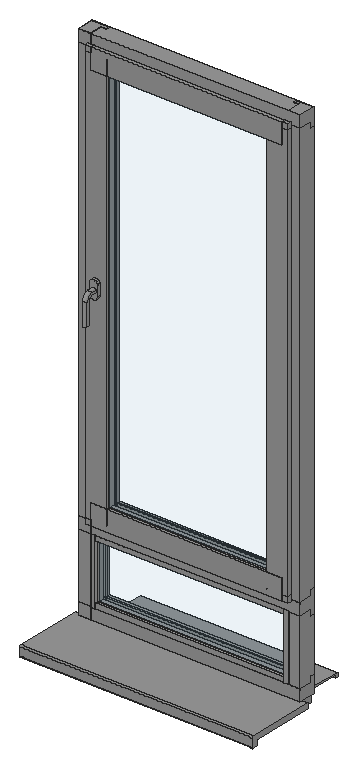
Revit family "deceuninck_okonniy_blok_odnostvorchatiy_s_framugoi_snizu", category Окна, Revit 2016
Family settings
  Основа = Стена
  Номер OmniClass = 23.30.20.00
  Заголовок OmniClass = Windows
  Всегда вертикально = Да
  При загрузке вырезать с полостями = Нет
  Общий = Нет
  Точка расчета площади = Нет
Parameters (values of type "Энвин ЭКО-60")
  Ширина профиля = 60 mm
  Ширина проема [instance] = ADSK_Ширина рамы + Монтажный зазор.Левый + Монтажный зазор.Правый  # 840 mm
  Четверть.Ширина [instance] = 65 mm
  Четверть.Правая [instance] = if(and(Четверть правая.Видимость, Четверть), Четверть.Ширина, 0 mm)  # 65 mm
  Четверть.Левая [instance] = if(and(Четверть левая.Видимость, Четверть), Четверть.Ширина, 0 mm)  # 65 mm
  Четверть.Глубина [instance] = 120 mm
  Четверть.Высота [instance] = 65 mm
  Четверть правая.Видимость [instance] = yes
  Четверть левая.Видимость [instance] = yes
  Четверть.Врхняя [instance] = if(Четверть, Четверть.Высота, 0 mm)  # 65 mm
  Четверть [instance] = yes
  Цвет профиля = ""
  Фрамуга нижняя.Высота [instance] = ADSK_Высота рамы - Высота створки  # 300 mm
  Формула стеклопакета = ""
  Толщина стеклопакета = "32"
  Стеклопакет.Толщина = 32 mm
  Створка [instance] = stvorka : Поворотная право
  Система фурнитуры [instance] = ""
  Расчетное значение ветровой нагрузки [instance] = 400
  Рама.Окно.Ширина [instance] = 800 mm
  Рама.Окно.Высота [instance] = 1900 mm
  Профильная система = "Энвин ЭКО 60"
  Проем.Окно.Ширина [instance] = 840 mm
  Проем.Окно.Высота [instance] = 1955 mm
  Приточный клапан [instance] = no
  Watermarked By = ""
  Rough Width = 0 mm  # constant formula
  Rough Height = 0 mm  # constant formula
  Подоконник.Глубина [instance] = 0 mm
  Подоконник. Видимость [instance] = yes
  Подоконник [instance] = podokonnik : ПВХ 250
  Площаль элемента [instance] = ADSK_Ширина рамы * ADSK_Высота рамы / 1000000 mm  # 1.52 mm
  Отлив.Свес [instance] = 35 mm
  Отлив.Видимость [instance] = yes
  Откосы.Глубина [instance] = 310 mm
  Огнестойкость = "Е-15"
  Наименование = "Окно 1-створчатое с фрамугой снизу Энвин ЭКО-60"
  Монтажный зазор.Спереди [instance] = 10 mm
  Монтажный зазор.Правый [instance] = if(Четверть правая.Видимость, Монтажный зазор.Боковой, 0 mm)  # 20 mm
  Монтажный зазор.Низ [instance] = 10 mm
  Монтажный зазор.Левый [instance] = if(Четверть левая.Видимость, Монтажный зазор.Боковой, 0 mm)  # 20 mm
  Монтажный зазор.Верх [instance] = 20 mm
  Монтажный зазор.Боковой = 20 mm
  Материал-Стеклопакет = none
  Материал-Рама = none
  Материал-Подоконник = ПВХ, белый
  Материал-Отлив = Лист оцинкованый, белый
  Класс профиля = "Тип В"
  Завод-изготовитель [instance] = "ООО Декёнинк Рус, Россия"  # constant formula
  ГОСТ = "ГОСТ 30673-2013"
  Высота створки [instance] = 1600 mm
  Высота профиля створки = 76 mm
  Высота профиля рамы = 62 mm
  Высота профиля имоста = 82 mm
  Высота проема [instance] = ADSK_Высота рамы + 25 mm + Монтажный зазор.Верх + Монтажный зазор.Низ  # 1955 mm
  Height = 0 mm  # constant formula
  Высота подоконника по умолчанию = 800 mm
  Замыкание стены = По основе
  Width = 0 mm  # constant formula
  Артикул створки/армирование рстворки = "ZE 60D  /  AR1"
  Артикул рамы/армирование рамы = "LE 60D  /  AR1"
  Артикул импоста/армирование импоста = "TE 60D  /  20 x 35"
  Аналитическая конструкция = "<Нет>"
  λ краевой зоны стеклопакета = 0.0600 (m²·K)/W
  Rстеклопакета = 0.7600 (m²·K)/W
  Rпрофиля = 0.6800 (m²·K)/W
  Rпривед [instance] = 1 / (((Ширина профиля / 1000 mm) * (5.4 - 4 * (Ширина профиля / 1000 mm)) / (1.8 * Rпрофиля / Rед)) + ((1.2 - 2 * (Ширина профиля / 1000 mm)) * (1.5 - 2 * (Ширина профиля / 1000 mm)) / (1.8 * Rстеклопакета / Rед)) + (5.4 - 8 * (Ширина профиля / 1000 mm)) * (λ краевой зоны стеклопакета / Rед))  # 0.61064
  Rед = 1.0000 (m²·K)/W
  ADSK_Ширина рамы [instance] = 800 mm
  ADSK_Позиция [instance] = ""
  ADSK_Высота рамы [instance] = 1900 mm
Reference planes
  plane 1 "По центру (Вперед/Назад)": y = 0
  plane 2 "По центру (Влево/Вправо)": x = 0
  plane 3 "Подоконник": z = 800
  plane 4 "Наружный": y = 250
  plane 5 "Внутренние": y = -250
  plane 6: x = -420
  plane 7: x = 420
  plane 8: x = -355
  plane 9: x = 355
  plane 10: y = 130
  plane 11: z = 2700
  plane 12: x = -400
  plane 13: x = 400
  plane 14: z = 775
  plane 15: z = 2720
  plane 16: z = 765
  plane 17: z = 2655
  plane 18: y = 120
  plane 19: y = 60
  plane 20: x = -338
  plane 21: x = 338
  plane 22: z = 2638
  plane 23: z = 862
  plane 24: y = 107
  plane 25: x = 679.372
  plane 26: y = 70
  plane 27: y = 450
  plane 28: z = 1100
Forms (mm)
  Extrusion 1, void
    sketch origin (0, -250, 0) x (1, 0, 0) y (0, 0, 1)
      loop
        line (-420, 2720) -> (-420, 765) -> (420, 765) -> (420, 2720) -> (-420, 2720)
    from 0 to -380
  Extrusion 2, void
    sketch origin (-2200.521, 130, 1000) x (1, 0, 0) y (0, 0, 1)
      loop
        line (1845.521, 1655) -> (1845.521, -235) -> (2555.521, -235) -> (2555.521, 1655) -> (1845.521, 1655)
    from 0 to -320
  Extrusion 3, solid, material <- "Материал-Рама", detail levels fine
    sketch origin (0, 0, 800) x (0, -1, 0) y (-1, 0, 0)
      loop
        line (-120, 400) -> (-120, 338) -> (-107, 338) -> (-107, 358) -> (-60, 358) -> (-60, 400) -> (-120, 400)
      loop
        line (-120, -338) -> (-120, -400) -> (-60, -400) -> (-60, -358) -> (-107, -358) -> (-107, -338) -> (-120, -338)
    from 0 to -1900
  Extrusion 4, solid, material <- "Материал-Рама", detail levels fine
    sketch origin (-750, 0, 0) x (0, -1, 0) y (0, 0, 1)
      loop
        line (-60, 800) -> (-60, 842) -> (-107, 842) -> (-107, 862) -> (-120, 862) -> (-120, 800) -> (-60, 800)
      loop
        line (-60, 2658) -> (-60, 2700) -> (-120, 2700) -> (-120, 2638) -> (-107, 2638) -> (-107, 2658) -> (-60, 2658)
    from -350 to -1150
  Extrusion 5, solid, material <- "Материал-Рама"
    sketch origin (-233.865, 107, 2257) x (0, 0, 1) y (-1, 0, 0)
      loop
        line (-1457, 166.135) -> (-1482, 166.135) -> (-1482, -633.865) -> (-1457, -633.865) -> (-1457, 166.135)
    from 0 to 37
  Extrusion 6, solid, material "Лист оцинкованый, белый" <- "Материал-Отлив", visible <- "Отлив.Видимость", detail levels fine
    sketch origin (355, 531.754, 1000) x (0, 1, 0) y (0, 0, 1)
      loop
        line (-424.754, -225) -> (-251.754, -225) -> (-251.754, -235) -> (-246.754, -235) -> (-246.754, -220) -> (-424.754, -215) -> (-424.754, -225)
    from 0 to -710
  Extrusion 7, solid, detail levels medium
    sketch origin (0, 0, 800) x (0, -1, 0) y (-1, 0, 0)
      loop
        line (-120, 400) -> (-120, 338) -> (-60, 338) -> (-60, 400) -> (-120, 400)
      loop
        line (-120, -400) -> (-60, -400) -> (-60, -338) -> (-120, -338) -> (-120, -400)
    from 0 to -1900
  Extrusion 8, solid, detail levels medium
    sketch origin (-750, 0, 0) x (0, -1, 0) y (0, 0, 1)
      loop
        line (-120, 2700) -> (-120, 2638) -> (-60, 2638) -> (-60, 2700) -> (-120, 2700)
      loop
        line (-60, 800) -> (-60, 862) -> (-120, 862) -> (-120, 800) -> (-60, 800)
    from -1150 to -350
  Extrusion 9, solid, detail levels coarse
    sketch origin (0, 0, 800) x (0, -1, 0) y (-1, 0, 0)
      loop
        line (-120, 400) -> (-120, 289) -> (-47, 289) -> (-47, 400) -> (-120, 400)
      loop
        line (-120, -400) -> (-47, -400) -> (-47, -290) -> (-120, -290) -> (-120, -400)
    from 0 to -1900
  Extrusion 10, solid, detail levels coarse
    sketch origin (-750, 0, 0) x (0, -1, 0) y (0, 0, 1)
      loop
        line (-120, 2589) -> (-47, 2589) -> (-47, 2700) -> (-120, 2700) -> (-120, 2589)
      loop
        line (-47, 800) -> (-47, 911) -> (-120, 911) -> (-120, 800) -> (-47, 800)
    from -1150 to -350
  Extrusion 11, solid, detail levels fine
    sketch origin (-750, 0, 0) x (0, -1, 0) y (0, 0, 1)
      loop
        line (-60, 1079) -> (-60, 1121) -> (-107, 1121) -> (-107, 1141) -> (-120, 1141) -> (-120, 1059) -> (-107, 1059) -> (-107, 1079) -> (-60, 1079)
    from -1150 to -350
  Extrusion 12, solid, detail levels medium
    sketch origin (-750, 0, 0) x (0, -1, 0) y (0, 0, 1)
      loop
        line (-120, 1079) -> (-60, 1079) -> (-60, 1121) -> (-120, 1121) -> (-120, 1079)
    from -1150 to -350
  Extrusion 13, solid, detail levels coarse
    sketch origin (-750, 0, 0) x (0, -1, 0) y (0, 0, 1)
      loop
        line (-47, 1011) -> (-47, 1189) -> (-120, 1189) -> (-120, 1011) -> (-47, 1011)
    from -1150 to -350
Lines and regions (mm)
  symbolic lines, style "Windows"
    curve 1: line (-400, 130, 0) -> (400, 130, 0)
Text (mm)
  text "Наружный" at (0, 923.751, 2943.296), in view "Справа"
  text "Наружный" at (0, 1040.484, 2685.409), in view "Слева"
Dimensions and locks
  "Высота подоконника по умолчанию": plane 3 "Подоконник" to level
  locked: plane 4 "Наружный" to host wall at 0
  locked: plane 5 "Внутренние" to host wall
  "Четверть.Глубина": plane 10 to plane 4 "Наружный"
  "ADSK_Высота рамы": plane 11 to plane 3 "Подоконник"
  "Монтажный зазор.Верх": plane 15 to plane 11
  locked: plane 3 "Подоконник" to plane 14 at 25
  "Монтажный зазор.Низ": plane 14 to plane 16
  "Четверть.Врхняя": plane 15 to plane 17
  equal spacing: plane 13, plane 2 "По центру (Влево/Вправо)", plane 12
  "ADSK_Ширина рамы": plane 13 to plane 12
  "Четверть.Левая": plane 8 to plane 6
  "Четверть.Правая": plane 7 to plane 9
  "Монтажный зазор.Левый": plane 12 to plane 6
  "Монтажный зазор.Правый": plane 13 to plane 7
  "Монтажный зазор.Спереди": plane 10 to plane 18
  "Ширина профиля": plane 18 to plane 19
  "Высота профиля рамы": plane 12 to plane 20
  locked: Extrusion 3 sketch curve to Extrusion 3 sketch curve at 13  (x2)
  locked: Extrusion 3 sketch curve to Extrusion 3 sketch curve at 20  (x2)
  "Высота профиля рамы": plane 21 to plane 13
  "Высота профиля рамы": plane 11 to plane 22
  "Высота профиля рамы": plane 3 "Подоконник" to plane 23
  locked: Extrusion 4 sketch curve to Extrusion 4 sketch curve at 13  (x2)
  locked: Extrusion 4 sketch curve to Extrusion 4 sketch curve at 20  (x2)
  locked: plane 18 to plane 24 at 13
  locked: plane 26 to plane 19 at 10
  locked: Extrusion 6 sketch curve to Extrusion 6 sketch curve at 5  (x2)
  locked: Extrusion 6 sketch curve to Extrusion 6 sketch curve at 10
  "Отлив.Свес": Extrusion 6 to plane 4 "Наружный"
  locked: plane 4 "Наружный" to plane 27 at 200
  locked: Extrusion 11 sketch curve to Extrusion 11 sketch curve at 20  (x2)
  "Высота профиля имоста": Extrusion 11 sketch curve to Extrusion 11 sketch curve
  equal spacing: Extrusion 11 sketch curve, plane 28, Extrusion 11 sketch curve
  "Фрамуга нижняя.Высота": plane 28 to plane 3 "Подоконник"
  "Откосы.Глубина": plane 19 to plane 5 "Внутренние"
  "Проем.Окно.Высота": plane 15 to plane 16
  "Рама.Окно.Высота": plane 11 to plane 3 "Подоконник"
  "Проем.Окно.Ширина": plane 7 to plane 6
  "Рама.Окно.Ширина": plane 13 to plane 12
  aligned and locked: Extrusion 1 sketch curve to plane 15
  aligned and locked: Extrusion 1 sketch curve to plane 6
  aligned and locked: Extrusion 1 sketch curve to plane 7
  aligned and locked: Extrusion 1 sketch curve to plane 16
  aligned and locked: plane 10 to Extrusion 1
  aligned and locked: Extrusion 2 sketch curve to plane 17
  aligned and locked: Extrusion 2 sketch curve to plane 8
  aligned and locked: Extrusion 2 sketch curve to plane 9
  aligned and locked: Extrusion 2 sketch curve to plane 16
  aligned and locked: Extrusion 3 sketch curve to plane 18
  aligned and locked: Extrusion 3 sketch curve to plane 19
  aligned and locked: Extrusion 3 sketch curve to plane 20
  aligned and locked: Extrusion 3 sketch curve to plane 12
  aligned and locked: plane 18 to Extrusion 3 sketch curve
  aligned and locked: plane 19 to Extrusion 3 sketch curve
  aligned and locked: Extrusion 3 sketch curve to plane 13
  aligned and locked: Extrusion 3 sketch curve to plane 21
  aligned and locked: plane 11 to Extrusion 3
  aligned and locked: Extrusion 4 sketch curve to plane 19  (x2)
  aligned and locked: Extrusion 4 sketch curve to plane 18  (x2)
  aligned and locked: Extrusion 4 sketch curve to plane 23
  aligned and locked: Extrusion 4 sketch curve to plane 3 "Подоконник"
  aligned and locked: Extrusion 4 sketch curve to plane 22
  aligned and locked: Extrusion 4 sketch curve to plane 11
  aligned and locked: Extrusion 4 to plane 13
  aligned and locked: Extrusion 4 to plane 12
  aligned and locked: plane 24 to nested 1
  aligned and locked: nested 1 to Extrusion 3
  aligned and locked: Extrusion 5 sketch curve to plane 12
  aligned and locked: Extrusion 5 sketch curve to plane 3 "Подоконник"
  aligned and locked: Extrusion 5 sketch curve to plane 14
  aligned and locked: plane 13 to Extrusion 5 sketch curve
  aligned and locked: plane 26 to Extrusion 5
  aligned and locked: nested 2 to plane 3 "Подоконник"
  aligned and locked: plane 26 to nested 2
  aligned and locked: nested 2 to plane 2 "По центру (Влево/Вправо)"
  aligned and locked: plane 14 to Extrusion 6 sketch curve
  aligned and locked: Extrusion 6 to plane 8
  aligned and locked: plane 24 to Extrusion 6 sketch curve
  aligned and locked: plane 27 to Extrusion 2
  aligned and locked: curve 1 to plane 10
  aligned and locked: plane 11 to Extrusion 7
  aligned and locked: Extrusion 8 sketch curve to plane 11
  aligned and locked: Extrusion 8 sketch curve to plane 22
  aligned and locked: Extrusion 8 sketch curve to plane 19  (x2)
  aligned and locked: Extrusion 8 sketch curve to plane 18  (x2)
  aligned and locked: Extrusion 8 sketch curve to plane 3 "Подоконник"
  aligned and locked: Extrusion 8 sketch curve to plane 23
  aligned and locked: Extrusion 8 to plane 13
  aligned and locked: Extrusion 7 sketch curve to plane 20
  aligned and locked: Extrusion 7 sketch curve to plane 19  (x2)
  aligned and locked: Extrusion 7 sketch curve to plane 12
  aligned and locked: plane 13 to Extrusion 7 sketch curve
  aligned and locked: plane 21 to Extrusion 7 sketch curve
  aligned and locked: Extrusion 9 sketch curve to plane 12
  aligned and locked: Extrusion 9 sketch curve to plane 18  (x2)
  aligned and locked: plane 13 to Extrusion 9 sketch curve
  aligned and locked: Extrusion 9 sketch curve to nested 1  (x2)
  aligned and locked: plane 11 to Extrusion 9
  aligned and locked: Extrusion 10 sketch curve to plane 18
  aligned and locked: Extrusion 9 to Extrusion 10 sketch curve  (x2)
  aligned and locked: Extrusion 10 sketch curve to plane 11
  aligned and locked: Extrusion 10 sketch curve to plane 3 "Подоконник"
  aligned and locked: Extrusion 10 sketch curve to Extrusion 9
  aligned and locked: Extrusion 10 to plane 13
  aligned and locked: Extrusion 7 sketch curve to plane 18  (x2)
  aligned and locked: Extrusion 10 to plane 12
  aligned and locked: Extrusion 8 to plane 12
  aligned and locked: Extrusion 11 to plane 13
  aligned and locked: Extrusion 11 to plane 12
  aligned and locked: Extrusion 13 to plane 13
  aligned and locked: Extrusion 13 to plane 12
  aligned and locked: nested 1 to Extrusion 11
  aligned and locked: Extrusion 12 sketch curve to Extrusion 11  (x2)
  aligned and locked: Extrusion 11 to Extrusion 12 sketch curve
  aligned and locked: nested 3 to Extrusion 11
  aligned and locked: nested 3 to Extrusion 4
  aligned and locked: plane 24 to nested 3
  aligned and locked: Extrusion 3 to nested 3
  aligned and locked: nested 3 to Extrusion 3
  aligned and locked: Extrusion 9 to Extrusion 13 sketch curve
  aligned and locked: Extrusion 13 sketch curve to nested 3
  aligned and locked: nested 1 to Extrusion 13 sketch curve
  aligned and locked: Extrusion 13 sketch curve to plane 18
  aligned and locked: Extrusion 3 to nested 1
  aligned and locked: Extrusion 12 to plane 12
  aligned and locked: Extrusion 12 to plane 13
  aligned and locked: nested 1 to Extrusion 4
Automatic sketch dimensions
  host wall to Extrusion 6 sketch curve = 30 mm
  Extrusion 6 sketch curve to Extrusion 6 sketch curve = 10 mm
  curve 1 to plane 12 = 0 mm
  curve 1 to plane 13 = 0 mm
  Extrusion 9 sketch curve to plane 19 = 13 mm
  plane 20 to Extrusion 9 sketch curve = 49 mm
  plane 23 to Extrusion 10 sketch curve = 49 mm
  plane 22 to Extrusion 10 sketch curve = 49 mm
  Extrusion 12 sketch curve to plane 18 = 0 mm
  Extrusion 11 sketch curve to plane 18 = 0 mm
  Extrusion 11 sketch curve to plane 24 = 0 mm  (x2)
  Extrusion 11 sketch curve to plane 19 = 0 mm
Nested families
  nested 1: "stvorka" at (0, 107, 1121), Профиль.Ширина <- "Ширина профиля", type <- "Створка", Стеклопакет.Толщина <- "Стеклопакет.Толщина", Профиль.Высота <- "Высота профиля створки", type "Поворотная право"
    with Стеклопакет.Толщина 32 mm, Створка.Ширина 716 mm, Створка.Высота 1537 mm, Ручка.Расстояние от низа створки 768.5 mm, Профиль.Ширина 60 mm, Профиль.Высота 76 mm, Материал.Профиль none
  nested 2: "podokonnik" at (0, 70, 800), Материал-Подоконник <- "Материал-Подоконник", Длина подоконника <- "Ширина проема", type <- "Подоконник", visible <- "Подоконник. Видимость", type "ПВХ 250", detail levels fine
    with Материал-Подоконник ПВХ, белый, Длина подоконника 840 mm
  nested 3: "stvorka" at (0, 107, 842), Профиль.Ширина <- "Ширина профиля", Стеклопакет.Толщина <- "Стеклопакет.Толщина", Профиль.Высота <- "Высота профиля створки", type "Глухая"
    with Стеклопакет.Толщина 32 mm, Створка.Ширина 716 mm, Створка.Высота 237 mm, Ручка.Расстояние от низа створки 118.5 mm, Профиль.Ширина 60 mm, Профиль.Высота 76 mm, Материал.Профиль none
Definition of nested family "stvorka"
  Parameters (values of type "Поворотно-откидная лево")
    Стеклопакет.Толщина [instance] = 32 mm
    Створка.Ширина [instance] = 700 mm
    Створка.Открытие = not(Створка.Глухая)  # yes
    Створка.Высота [instance] = 1400 mm
    Ручка.Расстояние от низа створки [instance] = Створка.Высота / 2  # 700 mm
    Ручка справа = yes
    Ручка снизу = no
    Ручка слева = no
    Ручка сверху. = no
    Профиль.Ширина [instance] = 58 mm
    Профиль.Высота [instance] = 77 mm
    Открывание правое = no
    Открывание низ = no
    Открывание левое = yes
    Открывание верх = yes
    Створка.Глухая = no
    Материал.Стеклопакет = none
    Материал.Профиль [instance] = none
    Watermarked By = ""
    Type Comments = "﻿﻿                            ​     ​     ​         ​   ​     ​           ​  ​ ​   ​ ​   ​﻿        ​ ​ ​         ​     ​﻿   ​​    ​       ​                       ​   ​     ﻿﻿"
    Keynote = "﻿﻿                            ​     ​     ​         ​   ​     ​           ​  ​ ​   ​ ​   ​﻿        ​ ​ ​         ​     ​﻿   ​​    ​       ​                       ​   ​     ﻿﻿"
    Description = "﻿﻿                            ​     ​     ​         ​   ​     ​           ​  ​ ​   ​ ​   ​﻿        ​ ​ ​         ​     ​﻿   ​​    ​       ​                       ​   ​     ﻿﻿"
    Assembly Code = "﻿﻿                            ​     ​     ​         ​   ​     ​           ​  ​ ​   ​ ​   ​﻿        ​ ​ ​         ​     ​﻿   ​​    ​       ​                       ​   ​     ﻿﻿"
    Analytic Construction = "<Нет>"
  Types (5, lengths in mm): name | Створка.Ширина | Створка.Открытие | Створка.Высота | Ручка.Расстояние от низа створки | Ручка справа | Ручка слева | Открывание правое | Открывание левое | Открывание верх | Створка.Глухая
    Глухая | 600 | no | 1500 | 750 | no | no | no | no | no | yes
    Поворотная право | 600 | yes | 1500 | 750 | no | yes | yes | no | no | no
    Поворотная лево | 600 | yes | 1500 | 750 | yes | no | no | yes | no | no
    Поворотно-откидная право | 600 | yes | 1500 | 750 | no | yes | yes | no | yes | no
    Поворотно-откидная лево | 700 | yes | 1400 | 700 | yes | no | no | yes | yes | no
  Reference planes
    plane 1 "По центру (Вперед/Назад)": y = 0
    plane 2: z = 0
    plane 3 "По центру (Влево/Вправо)": x = 0
    plane 4: x = -338
    plane 5: x = 338
    plane 6: y = -58
    plane 7: z = 1400
    plane 8: y = -16
    plane 9: y = -48
    plane 10: y = -51
    plane 11: x = -350
    plane 12: x = 350
    plane 13: z = 12
    plane 14: z = -8
    plane 15: z = 1408
    plane 16: z = 1388
    plane 17: z = 700
    plane 18: x = -358
    plane 19: x = -281
    plane 20: x = 358
    plane 21: x = 281
    plane 22: z = 1331
    plane 23: z = 69
    plane 24: z = 700
  Forms (mm)
    Extrusion 1, solid, material <- "Материал.Профиль", visible <- "Створка.Открытие", detail levels fine
      sketch origin (0, 0, 0) x (1, 0, 0) y (0, 1, 0)
        loop
          line (-338, 0) -> (-338, -45) -> (-358, -45) -> (-358, -58) -> (-281, -58) -> (-281, -51) -> (-301, -51) -> (-301, -13) -> (-281, -13) -> (-284, 0) -> (-338, 0)
        loop
          line (338, 0) -> (284, 0) -> (281, -13) -> (301, -13) -> (301, -51) -> (281, -51) -> (281, -58) -> (358, -58) -> (358, -45) -> (338, -45) -> (338, 0)
      from 12 to 1388
    Extrusion 2, solid, visible <- "Створка.Открытие", detail levels fine
      sketch origin (0, 0, 0) x (1, 0, 0) y (0, 1, 0)
        loop
          line (-301, -13) -> (-301, -51) -> (-281, -51) -> (-281, -48) -> (-291, -48) -> (-291, -16) -> (-281, -16) -> (-281, -13) -> (-301, -13)
        loop
          line (301, -13) -> (281, -13) -> (281, -16) -> (291, -16) -> (291, -48) -> (281, -48) -> (281, -51) -> (301, -51) -> (301, -13)
      from 49 to 1351
    Extrusion 3, solid, material <- "Материал.Профиль", visible <- "Створка.Открытие", detail levels fine
      sketch origin (0, 0, 12) x (0, 1, 0) y (0, 0, 1)
        loop
          line (-58, 57) -> (-58, -20) -> (-45, -20) -> (-45, 0) -> (0, 0) -> (0, 54) -> (-13, 57) -> (-13, 37) -> (-51, 37) -> (-51, 57) -> (-58, 57)
        loop
          line (-58, 1319) -> (-51, 1319) -> (-51, 1339) -> (-13, 1339) -> (-13, 1319) -> (0, 1322) -> (0, 1376) -> (-45, 1376) -> (-45, 1396) -> (-58, 1396) -> (-58, 1319)
      from -338 to 338
    Extrusion 4, solid, visible <- "Створка.Открытие", detail levels fine
      sketch origin (0, 0, 0) x (0, 1, 0) y (0, 0, 1)
        loop
          line (-16, 69) -> (-16, 59) -> (-48, 59) -> (-48, 69) -> (-51, 69) -> (-51, 49) -> (-13, 49) -> (-13, 69) -> (-16, 69)
        loop
          line (-51, 1351) -> (-51, 1331) -> (-48, 1331) -> (-48, 1341) -> (-16, 1341) -> (-16, 1331) -> (-13, 1331) -> (-13, 1351) -> (-51, 1351)
      from -301 to 301
    Extrusion 5, solid, material <- "Материал.Профиль", visible <- "Створка.Открытие", detail levels fine
      sketch origin (-963, -48, 1200) x (-1, 0, 0) y (0, 0, 1)
        loop
          line (-605, 208) -> (-625, 208) -> (-625, 188) -> (-605, 188) -> (-605, 208)
        loop
          line (-1301, 208) -> (-1321, 208) -> (-1321, 188) -> (-1301, 188) -> (-1301, 208)
        loop
          line (-625, -1188) -> (-625, -1208) -> (-605, -1208) -> (-605, -1188) -> (-625, -1188)
        loop
          line (-1321, -1188) -> (-1321, -1208) -> (-1301, -1208) -> (-1301, -1188) -> (-1321, -1188)
      from 3 to -10
    Extrusion 6, solid, material <- "Материал.Стеклопакет", visible <- "Створка.Открытие"
      sketch origin (0, -16, 59) x (0, -1, 0) y (1, 0, 0)
        loop
          line (0, 291) -> (0, -291) -> (32, -291) -> (32, 291) -> (0, 291)
      from 0 to 1282
    Extrusion 7, solid, material <- "Материал.Профиль", visible <- "Створка.Открытие", detail levels medium
      sketch origin (0, 0, 0) x (1, 0, 0) y (0, 1, 0)
        loop
          line (-281, 0) -> (-358, 0) -> (-358, -58) -> (-281, -58) -> (-281, 0)
        loop
          line (358, 0) -> (281, 0) -> (281, -58) -> (358, -58) -> (358, 0)
      from 12 to 1388
    Extrusion 8, solid, material <- "Материал.Профиль", visible <- "Створка.Открытие", detail levels medium
      sketch origin (0, 0, 0) x (0, 1, 0) y (0, 0, 1)
        loop
          line (0, 1408) -> (-58, 1408) -> (-58, 1331) -> (0, 1331) -> (0, 1408)
        loop
          line (0, 69) -> (-58, 69) -> (-58, -8) -> (0, -8) -> (0, 69)
      from -358 to 358
    Extrusion 9, solid, material <- "Материал.Профиль", visible <- "Створка.Глухая", detail levels fine
      sketch origin (0, 0, 0) x (0, 1, 0) y (0, 0, 1)
        loop
          line (-45, 1400) -> (-45, 1383) -> (-38, 1380) -> (-38, 1400) -> (-45, 1400)
        loop
          line (-45, 0) -> (-38, 0) -> (-38, 20) -> (-45, 17) -> (-45, 0)
      from -350 to 350
    Extrusion 10, solid, visible <- "Створка.Глухая", detail levels fine
      sketch origin (0, 0, 0) x (0, 1, 0) y (0, 0, 1)
        loop
          line (0, 1400) -> (-38, 1400) -> (-38, 1380) -> (-35, 1380) -> (-35, 1390) -> (-3, 1390) -> (-3, 1380) -> (0, 1380) -> (0, 1400)
        loop
          line (0, 0) -> (0, 20) -> (-3, 20) -> (-3, 10) -> (-35, 10) -> (-35, 20) -> (-38, 20) -> (-38, 0) -> (0, 0)
      from -350 to 350
    Extrusion 11, solid, visible <- "Створка.Глухая", detail levels fine
      sketch origin (0, 0, 0) x (1, 0, 0) y (0, 1, 0)
        loop
          line (-350, 0) -> (-350, -38) -> (-330, -38) -> (-330, -35) -> (-340, -35) -> (-340, -3) -> (-330, -3) -> (-330, 0) -> (-350, 0)
        loop
          line (350, 0) -> (330, 0) -> (330, -3) -> (340, -3) -> (340, -35) -> (330, -35) -> (330, -38) -> (350, -38) -> (350, 0)
      from 0 to 1400
    Extrusion 12, solid, material <- "Материал.Профиль", visible <- "Створка.Глухая", detail levels fine
      sketch origin (0, 0, 0) x (1, 0, 0) y (0, 1, 0)
        loop
          line (-350, -38) -> (-350, -45) -> (-333, -45) -> (-330, -38) -> (-350, -38)
        loop
          line (350, -38) -> (330, -38) -> (333, -45) -> (350, -45) -> (350, -38)
      from 0 to 1400
    Extrusion 13, solid, material <- "Материал.Стеклопакет", visible <- "Створка.Глухая"
      sketch origin (0, 0, 0) x (1, 0, 0) y (0, 1, 0)
        loop
          line (-340, -3) -> (-340, -35) -> (340, -35) -> (340, -3) -> (-340, -3)
      from 10 to 1390
    Extrusion 14, solid, material <- "Материал.Профиль", visible <- "Створка.Глухая", detail levels medium
      sketch origin (0, 0, 0) x (1, 0, 0) y (0, 1, 0)
        loop
          line (-330, 0) -> (-350, 0) -> (-350, -45) -> (-330, -45) -> (-330, 0)
        loop
          line (350, 0) -> (330, 0) -> (330, -45) -> (350, -45) -> (350, 0)
      from 0 to 1400
    Extrusion 15, solid, material <- "Материал.Профиль", visible <- "Створка.Глухая", detail levels medium
      sketch origin (-350, 682.027, 1200) x (0, 1, 0) y (0, 0, 1)
        loop
          line (-682.027, 180) -> (-682.027, 200) -> (-727.027, 200) -> (-727.027, 180) -> (-682.027, 180)
        loop
          line (-682.027, -1200) -> (-682.027, -1180) -> (-727.027, -1180) -> (-727.027, -1200) -> (-682.027, -1200)
      from 0 to 700
  Lines and regions (mm)
    symbolic lines, visible <- "Открывание правое"
      curve 1: line (281, 0, 1331) -> (-281, 0, 700)
      curve 2: line (-281, 0, 700) -> (281, 0, 69)
    symbolic lines, visible <- "Открывание левое"
      curve 3: line (-281, 0, 1331) -> (281, 0, 700)
      curve 4: line (281, 0, 700) -> (-281, 0, 69)
    symbolic lines, visible <- "Открывание верх"
      curve 5: line (-281, 0, 69) -> (0, 0, 1331)
      curve 6: line (0, 0, 1331) -> (281, 0, 69)
    symbolic lines, visible <- "Открывание низ"
      curve 7: line (-281, 0, 1331) -> (0, 0, 69)
      curve 8: line (0, 0, 69) -> (281, 0, 1331)
    symbolic lines, visible <- "Створка.Глухая"
      curve 9: line (0, 0, 650) -> (0, 0, 750)
      curve 10: line (-50, 0, 700) -> (50, 0, 700)
  Dimensions and locks
    locked: Extrusion 1 sketch curve to Extrusion 1 sketch curve at 13  (x2)
    "Профиль.Ширина": plane 1 "По центру (Вперед/Назад)" to plane 6
    "Стеклопакет.Толщина": plane 8 to plane 9
    locked: plane 8 to plane 1 "По центру (Вперед/Назад)" at 16
    locked: Extrusion 1 to Extrusion 2 sketch curve at 10
    locked: Extrusion 2 sketch curve to Extrusion 1 at 10
    locked: plane 9 to plane 10 at 3
    locked: Extrusion 3 sketch curve to Extrusion 3 sketch curve at 13  (x2)
    locked: Extrusion 4 sketch curve to Extrusion 3 at 10  (x2)
    "Створка.Высота": plane 7 to plane 2
    locked: plane 4 to plane 11 at 12
    locked: plane 12 to plane 5 at 12
    equal spacing: plane 12, plane 3 "По центру (Влево/Вправо)", plane 11
    "Створка.Ширина": plane 12 to plane 11
    locked: plane 15 to plane 7 at 8
    locked: plane 7 to plane 16 at 12
    locked: plane 2 to plane 14 at 8
    locked: plane 13 to plane 2 at 12
    "Профиль.Высота": plane 18 to plane 19
    "Профиль.Высота": plane 21 to plane 20
    locked: plane 21 to Extrusion 2 at 20
    "Профиль.Высота": plane 22 to plane 15
    locked: plane 11 to plane 18 at 8
    locked: plane 20 to plane 12 at 8
    locked: Extrusion 2 to plane 19 at 20
    "Профиль.Высота": plane 23 to plane 14
    "Ручка.Расстояние от низа створки": plane 17 to plane 2
    locked: nested 3 to plane 13 at 18.5
    locked: nested 4 to plane 16 at 18.5
    locked: nested 1 to plane 4 at 18.5
    locked: plane 5 to nested 2 at 18.5
    equal spacing: plane 7, plane 24, plane 2
    locked: Extrusion 10 sketch curve to Extrusion 10 sketch curve at 20  (x2)
    locked: plane 1 "По центру (Вперед/Назад)" to Extrusion 10 sketch curve at 3  (x2)
    "Стеклопакет.Толщина": Extrusion 10 sketch curve to Extrusion 10 sketch curve  (x2)
    locked: plane 11 to Extrusion 11 sketch curve at 10
    locked: Extrusion 11 sketch curve to Extrusion 11 sketch curve at 3  (x2)
    locked: Extrusion 11 sketch curve to plane 1 "По центру (Вперед/Назад)" at 3
    "Стеклопакет.Толщина": Extrusion 11 sketch curve to Extrusion 11 sketch curve  (x2)
    locked: Extrusion 11 sketch curve to plane 12 at 10
    locked: Extrusion 1 to Extrusion 11 sketch curve at 3
    locked: Extrusion 14 to Extrusion 15 sketch curve at 20  (x2)
    locked: Extrusion 11 to Extrusion 14 sketch curve at 20
    locked: Extrusion 14 sketch curve to Extrusion 14 sketch curve at 20
    curve 9 to plane 24 to curve 9 = 50 mm locked, 50 mm locked
    curve 10 to plane 3 "По центру (Влево/Вправо)" to curve 10 = 50 mm locked, 50 mm locked
    locked: Extrusion 7 to Extrusion 1 sketch curve at 13  (x2)
    locked: Extrusion 3 sketch curve to Extrusion 8 at 13  (x2)
    locked: Extrusion 4 to plane 23 at 20
    locked: Extrusion 4 to plane 22 at 20
    locked: Extrusion 14 to Extrusion 13 at 10
    locked: Extrusion 10 sketch curve to Extrusion 13 at 10
    aligned and locked: level to plane 2
    aligned and locked: Extrusion 1 sketch curve to plane 4
    aligned and locked: plane 6 to Extrusion 1 sketch curve
    aligned and locked: plane 1 "По центру (Вперед/Назад)" to Extrusion 1 sketch curve
    aligned and locked: plane 10 to Extrusion 1 sketch curve
    aligned and locked: Extrusion 2 sketch curve to Extrusion 1  (x9)
    aligned and locked: Extrusion 2 sketch curve to plane 9
    aligned and locked: Extrusion 2 sketch curve to plane 8
    aligned and locked: Extrusion 1 sketch curve to plane 5
    aligned and locked: Extrusion 1 sketch curve to plane 6
    aligned and locked: Extrusion 1 sketch curve to plane 1 "По центру (Вперед/Назад)"
    aligned and locked: Extrusion 1 to Extrusion 2 sketch curve
    aligned and locked: plane 6 to Extrusion 3 sketch curve
    aligned and locked: plane 1 "По центру (Вперед/Назад)" to Extrusion 3 sketch curve
    aligned and locked: plane 10 to Extrusion 3 sketch curve
    aligned and locked: plane 13 to Extrusion 3
    aligned and locked: plane 8 to Extrusion 4 sketch curve  (x2)
    aligned and locked: plane 9 to Extrusion 4 sketch curve
    aligned and locked: Extrusion 4 sketch curve to Extrusion 3  (x8)
    aligned and locked: Extrusion 3 to Extrusion 4 sketch curve  (x2)
    aligned and locked: plane 5 to Extrusion 3
    aligned and locked: plane 14 to Extrusion 3
    aligned and locked: Extrusion 3 to plane 4
    aligned and locked: Extrusion 4 to Extrusion 1  (x2)
    aligned and locked: Extrusion 2 to Extrusion 4
    aligned and locked: Extrusion 3 sketch curve to plane 6
    aligned and locked: Extrusion 3 sketch curve to plane 1 "По центру (Вперед/Назад)"
    aligned and locked: plane 15 to Extrusion 3 sketch curve
    aligned and locked: Extrusion 2 to Extrusion 4 sketch curve
    aligned and locked: Extrusion 1 to Extrusion 3  (x2)
    aligned and locked: Extrusion 5 sketch curve to plane 15
    aligned and locked: Extrusion 5 sketch curve to plane 16
    aligned and locked: Extrusion 5 sketch curve to plane 4
    aligned and locked: Extrusion 5 to plane 6
    aligned and locked: Extrusion 2 to Extrusion 3
    aligned and locked: plane 5 to Extrusion 5 sketch curve  (x2)
    aligned and locked: plane 16 to Extrusion 5 sketch curve
    aligned and locked: plane 15 to Extrusion 5 sketch curve
    aligned and locked: plane 18 to Extrusion 1 sketch curve
    aligned and locked: Extrusion 1 sketch curve to plane 19
    aligned and locked: plane 21 to Extrusion 1 sketch curve
    aligned and locked: Extrusion 1 sketch curve to plane 20
    aligned and locked: Extrusion 3 sketch curve to plane 14
    aligned and locked: plane 13 to Extrusion 3 sketch curve
    aligned and locked: Extrusion 3 sketch curve to plane 23
    aligned and locked: plane 22 to Extrusion 3 sketch curve
    aligned and locked: Extrusion 3 sketch curve to plane 16
    aligned and locked: Extrusion 6 sketch curve to plane 8
    aligned and locked: Extrusion 6 sketch curve to plane 9
    aligned and locked: Extrusion 6 sketch curve to Extrusion 2  (x2)
    aligned and locked: Extrusion 6 to Extrusion 4
    aligned and locked: plane 4 to Extrusion 5 sketch curve
    aligned and locked: plane 18 to Extrusion 5 sketch curve
    aligned and locked: plane 13 to Extrusion 5 sketch curve  (x2)
    aligned and locked: plane 14 to Extrusion 5 sketch curve  (x2)
    aligned and locked: Extrusion 5 sketch curve to plane 20
    aligned and locked: Extrusion 7 sketch curve to plane 1 "По центру (Вперед/Назад)"  (x2)
    aligned and locked: Extrusion 7 sketch curve to plane 6  (x2)
    aligned and locked: Extrusion 7 sketch curve to plane 18
    aligned and locked: Extrusion 7 sketch curve to plane 19
    aligned and locked: plane 20 to Extrusion 7 sketch curve
    aligned and locked: plane 21 to Extrusion 7 sketch curve
    aligned and locked: Extrusion 7 to Extrusion 1
    aligned and locked: Extrusion 1 to plane 16
    aligned and locked: Extrusion 7 to Extrusion 3
    aligned and locked: plane 1 "По центру (Вперед/Назад)" to Extrusion 8 sketch curve  (x2)
    aligned and locked: plane 6 to Extrusion 8 sketch curve  (x2)
    aligned and locked: plane 15 to Extrusion 8 sketch curve
    aligned and locked: plane 22 to Extrusion 8 sketch curve
    aligned and locked: Extrusion 8 sketch curve to plane 23
    aligned and locked: plane 14 to Extrusion 8 sketch curve
    aligned and locked: Extrusion 8 to Extrusion 1  (x2)
    aligned and locked: plane 3 "По центру (Влево/Вправо)" to nested 3
    aligned and locked: plane 3 "По центру (Влево/Вправо)" to nested 4
    aligned and locked: nested 1 to plane 17
    aligned and locked: nested 2 to plane 17
    aligned and locked: Extrusion 9 sketch curve to plane 7
    aligned and locked: Extrusion 10 sketch curve to plane 7
    aligned and locked: plane 1 "По центру (Вперед/Назад)" to Extrusion 10 sketch curve
    aligned and locked: Extrusion 10 sketch curve to Extrusion 10 sketch curve  (x2)
    aligned and locked: Extrusion 10 sketch curve to plane 1 "По центру (Вперед/Назад)"
    aligned and locked: Extrusion 9 sketch curve to plane 2
    aligned and locked: Extrusion 9 sketch curve to Extrusion 10
    aligned and locked: Extrusion 9 to plane 11
    aligned and locked: Extrusion 10 to plane 11
    aligned and locked: plane 12 to Extrusion 10
    aligned and locked: plane 12 to Extrusion 9
    aligned and locked: Extrusion 11 sketch curve to plane 11
    aligned and locked: Extrusion 11 sketch curve to plane 12
    aligned and locked: plane 1 "По центру (Вперед/Назад)" to Extrusion 11 sketch curve
    aligned and locked: Extrusion 12 sketch curve to Extrusion 11
    aligned and locked: Extrusion 12 sketch curve to plane 11
    aligned and locked: Extrusion 12 sketch curve to Extrusion 9  (x2)
    aligned and locked: Extrusion 10 to Extrusion 12 sketch curve
    aligned and locked: Extrusion 12 sketch curve to plane 12
    aligned and locked: plane 7 to Extrusion 12
    aligned and locked: plane 7 to Extrusion 11
    aligned and locked: Extrusion 13 sketch curve to Extrusion 11  (x4)
    aligned and locked: Extrusion 13 to Extrusion 10  (x2)
    aligned and locked: Extrusion 14 sketch curve to plane 1 "По центру (Вперед/Назад)"  (x2)
    aligned and locked: Extrusion 14 sketch curve to plane 11
    aligned and locked: Extrusion 14 sketch curve to plane 12
    aligned and locked: plane 7 to Extrusion 14
    aligned and locked: Extrusion 15 sketch curve to Extrusion 10
    aligned and locked: plane 7 to Extrusion 15 sketch curve
    aligned and locked: plane 2 to Extrusion 15 sketch curve
    aligned and locked: plane 1 "По центру (Вперед/Назад)" to Extrusion 15 sketch curve
    aligned and locked: curve 10 to plane 24
    aligned and locked: Extrusion 14 sketch curve to Extrusion 12  (x2)
    aligned and locked: Extrusion 5 to Extrusion 1
    aligned and locked: plane 12 to Extrusion 15
    aligned and locked: Extrusion 9 to Extrusion 1  (x2)
    aligned and locked: Extrusion 15 sketch curve to Extrusion 1  (x2)
  Automatic sketch dimensions
    curve 4 to plane 19 = 0 mm
    curve 1 to plane 17 = 0 mm
    curve 1 to plane 19 = 0 mm
    curve 3 to plane 19 = 0 mm
    curve 6 to plane 3 "По центру (Влево/Вправо)" = 0 mm
    curve 9 to plane 3 "По центру (Влево/Вправо)" = 0 mm
    curve 8 to plane 3 "По центру (Влево/Вправо)" = 0 mm
    plane 21 to curve 8 = 0 mm
    curve 4 to plane 17 = 0 mm
    plane 21 to curve 4 = 0 mm
    plane 21 to curve 2 = 0 mm
    curve 7 to plane 23 = 0 mm
    curve 5 to plane 23 = 0 mm
    curve 2 to plane 23 = 0 mm
    curve 8 to plane 22 = 0 mm
    curve 3 to plane 22 = 0 mm
    curve 6 to plane 22 = 0 mm
    Extrusion 1 sketch curve to plane 19 = 0 mm
    Extrusion 1 sketch curve to plane 21 = 0 mm
    plane 10 to Extrusion 1 sketch curve = 0 mm
    Extrusion 1 sketch curve to Extrusion 1 sketch curve = 20 mm  (x2)
    Extrusion 1 sketch curve to plane 19 = 3 mm
    Extrusion 1 sketch curve to plane 21 = 3 mm
    Extrusion 2 sketch curve to plane 9 = 0 mm
    plane 8 to Extrusion 2 sketch curve = 0 mm
    Extrusion 3 sketch curve to plane 10 = 0 mm
    Extrusion 3 sketch curve to plane 23 = 0 mm
    plane 22 to Extrusion 3 sketch curve = 0 mm
    Extrusion 3 sketch curve to plane 23 = 3 mm
    Extrusion 3 sketch curve to plane 22 = 3 mm
    plane 20 to Extrusion 5 sketch curve = 0 mm
    Extrusion 5 sketch curve to plane 18 = 0 mm
    plane 9 to Extrusion 9 sketch curve = 10 mm
    plane 13 to Extrusion 9 sketch curve = 5 mm
    plane 13 to Extrusion 9 sketch curve = 8 mm
    plane 16 to Extrusion 9 sketch curve = 8 mm
    plane 16 to Extrusion 9 sketch curve = 5 mm
    plane 4 to Extrusion 12 sketch curve = 5 mm
    plane 4 to Extrusion 12 sketch curve = 8 mm
    Extrusion 12 sketch curve to plane 5 = 8 mm
    Extrusion 12 sketch curve to plane 5 = 5 mm
    plane 9 to Extrusion 9 sketch curve = 3 mm  (x2)
    Extrusion 3 sketch curve to plane 22 = 20 mm
    Extrusion 3 sketch curve to plane 23 = 20 mm
    plane 9 to Extrusion 10 sketch curve = 10 mm
    Extrusion 10 sketch curve to Extrusion 10 sketch curve = 3 mm
    Extrusion 10 sketch curve to plane 13 = 2 mm
    Extrusion 10 sketch curve to plane 16 = 2 mm
    plane 1 "По центру (Вперед/Назад)" to Extrusion 11 sketch curve = 0 mm
    plane 4 to Extrusion 11 sketch curve = 8 mm  (x2)
    Extrusion 11 sketch curve to plane 5 = 8 mm  (x2)
  Nested families
    nested 1: "ruchka" at (-319.5, -58, 700) x (1, 0, 0) z (0, -1, 0), visible <- "Ручка слева", type "ruchka", detail levels fine
    nested 2: "ruchka" at (319.5, -58, 700) x (1, 0, 0) z (0, -1, 0), visible <- "Ручка справа", Маериал.Ручка <- "Материал.Профиль", type "ruchka", detail levels fine
    nested 3: "ruchka" at (0, -58, 30.5) x (0, 0, 1) z (0, -1, 0), visible <- "Ручка снизу", Маериал.Ручка <- "Материал.Профиль", type "ruchka", detail levels fine
    nested 4: "ruchka" at (0, -58, 1369.5) x (0, 0, 1) z (0, -1, 0), visible <- "Ручка сверху.", Маериал.Ручка <- "Материал.Профиль", type "ruchka", detail levels fine
  Definition of nested family "ruchka"
    Parameters (values of type "ruchka")
      Watermarked By = ""
      Type Comments = "﻿﻿            ﻿           ﻿             ﻿     ﻿  ​    ﻿         ﻿      ​   ﻿​    ﻿           ﻿  ﻿       ​﻿          ​           ﻿   ﻿  ​                               ​    ﻿﻿"
      Keynote = "﻿﻿            ﻿           ﻿             ﻿     ﻿  ​    ﻿         ﻿      ​   ﻿​    ﻿           ﻿  ﻿       ​﻿          ​           ﻿   ﻿  ​                               ​    ﻿﻿"
      Description = "﻿﻿            ﻿           ﻿             ﻿     ﻿  ​    ﻿         ﻿      ​   ﻿​    ﻿           ﻿  ﻿       ​﻿          ​           ﻿   ﻿  ​                               ​    ﻿﻿"
      Default Elevation = 1219.2 mm
      Маериал.Ручка [instance] = none
      Assembly Code = "﻿﻿            ﻿           ﻿             ﻿     ﻿  ​    ﻿         ﻿      ​   ﻿​    ﻿           ﻿  ﻿       ​﻿          ​           ﻿   ﻿  ​                               ​    ﻿﻿"
      Analytic Construction = "<Нет>"
    Reference planes
      plane 1 "По центру (Вперед/Назад)": y = 0
      plane 2: z = 0
      plane 3 "По центру (Влево/Вправо)": x = 0
    Forms (mm)
      Extrusion 1, solid
        sketch origin (0, 0, 0) x (1, 0, 0) y (0, 1, 0)
          loop
            line (-1219.2, 1219.2) -> (-1219.2, -1219.2) -> (1219.2, -1219.2) -> (1219.2, 1219.2) -> (-1219.2, 1219.2)
        from 0 to -304.8
      Extrusion 2, solid, material <- "Маериал.Ручка"
        sketch origin (-1, 0, 0) x (0, -1, 0) y (1, 0, 0)
          loop
            arc (-18, 15) -> (-32, 1) -> (-18, -13) r 14
            line (-18, -13) -> (18, -13)
            arc (18, -13) -> (32, 1) -> (18, 15) r 14
            line (18, 15) -> (-18, 15)
        from 0 to 10
      Sweep 3, solid, material <- "Маериал.Ручка"
        path origin (0, 0, 0) x (0, -1, 0) y (0, 0, 1)
          loop
            line (0, 10) -> (0, 30)
            arc (0, 30) -> (7.903, 42.097) -> (20, 50) r 35.203
            line (20, 50) -> (100, 50)
        profile origin (0, 0, 20) x (0, 1, 0) y (-1, 0, 0)
          loop
            line (0, 7) -> (-7, 7) -> (-7, -7) -> (0, -7)
            arc (0, -7) -> (7, 0) -> (0, 7) r 7
    Dimensions and locks
      aligned and locked: plane 2 to Extrusion 1
      aligned and locked: level to Extrusion 1
Definition of nested family "podokonnik"
  Parameters (values of type "ПВХ 150")
    Материал-Подоконник [instance] = none
    Длина подоконника [instance] = 1500 mm
    Глубина подоконника = 150 mm
    Watermarked By = ""
    Type Comments = "﻿﻿                            ​     ​     ​         ​   ​     ​           ​  ​ ​   ​ ​   ​﻿        ​ ​ ​         ​     ​﻿   ​​    ​       ​                       ​   ​     ﻿﻿"
    Keynote = "﻿﻿                            ​     ​     ​         ​   ​     ​           ​  ​ ​   ​ ​   ​﻿        ​ ​ ​         ​     ​﻿   ​​    ​       ​                       ​   ​     ﻿﻿"
    Description = "﻿﻿                            ​     ​     ​         ​   ​     ​           ​  ​ ​   ​ ​   ​﻿        ​ ​ ​         ​     ​﻿   ​​    ​       ​                       ​   ​     ﻿﻿"
    Assembly Code = "﻿﻿                            ​     ​     ​         ​   ​     ​           ​  ​ ​   ​ ​   ​﻿        ​ ​ ​         ​     ​﻿   ​​    ​       ​                       ​   ​     ﻿﻿"
  Types (13, lengths in mm): name | Глубина подоконника
    ПВХ 100 | 100
    ПВХ 150 | 150
    ПВХ 200 | 200
    ПВХ 250 | 250
    ПВХ 300 | 300
    ПВХ 350 | 350
    ПВХ 400 | 400
    ПВХ 450 | 450
    ПВХ 500 | 500
    ПВХ 550 | 550
    ПВХ 600 | 600
    ПВХ 650 | 650
    ПВХ 700 | 700
  Reference planes
    plane 1 "По центру (Вперед/Назад)": y = 0
    plane 2: z = 0
    plane 3 "По центру (Влево/Вправо)": x = 0
    plane 4: y = -150
    plane 5: x = 750
    plane 6: x = -750
  Forms (mm)
    Extrusion 1, solid, material <- "Материал-Подоконник"
      sketch origin (0, 0, 0) x (0, 1, 0) y (0, 0, 1)
        loop
          line (0, 0) -> (-146, 0)
          arc (-146, 0) -> (-148.828, -1.172) -> (-150, -4) r 4
          line (-150, -4) -> (-150, -36)
          arc (-150, -36) -> (-148.828, -38.828) -> (-146, -40) r 4
          line (-146, -40) -> (-130, -40) -> (-130, -20) -> (0, -20) -> (0, 0)
      from -750 to 750
  Dimensions and locks
    "Глубина подоконника": plane 1 "По центру (Вперед/Назад)" to plane 4
    equal spacing: plane 6, plane 3 "По центру (Влево/Вправо)", plane 5
    "Длина подоконника": plane 6 to plane 5
    aligned and locked: level to plane 2
    aligned and locked: plane 2 to Extrusion 1 sketch curve
    aligned and locked: plane 4 to Extrusion 1 sketch curve  (x2)
    aligned and locked: plane 5 to Extrusion 1
    aligned and locked: Extrusion 1 to plane 6
  Automatic sketch dimensions
    Extrusion 1 sketch curve to plane 1 "По центру (Вперед/Назад)" = 0 mm
    Extrusion 1 sketch curve to level = 20 mm
    Extrusion 1 sketch curve to level = 4 mm
    Extrusion 1 sketch curve to Extrusion 1 sketch curve = 16 mm  (x2)
    Extrusion 1 sketch curve to Extrusion 1 sketch curve = 4 mm
